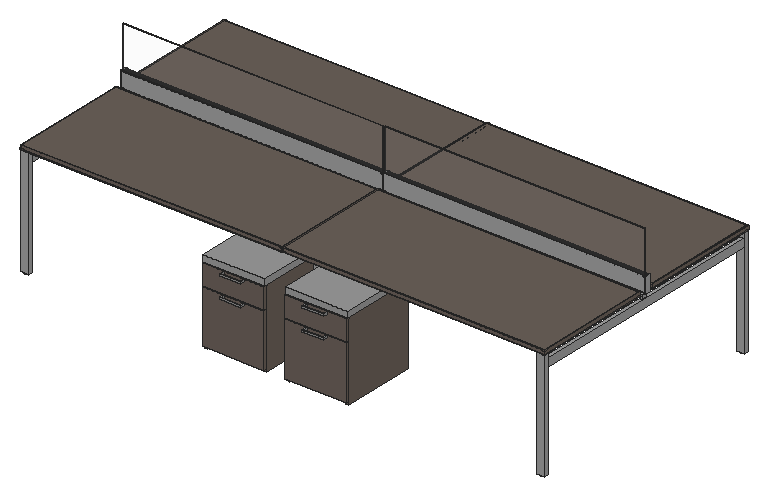
Revit family "T200188", category Furniture, Revit 2015
Parameters (values of type "T200188")
  URL = "https://ofs.com/"
  Staks Support Center H = STACKS PAINT
  Staks Seat Cushion = OFS STAKS Cushion Material
  Staks Mobile Pedestal Wheel = OFS STAKS Plastic
  Staks Mobile Pedestal Top Surface = OFS STAKS Chasis Wood Grain Laminate
  Staks Mobile Pedestal Drawer handle = OFS STAKS Handle Material
  Staks Mobile Pedestal Drawer = OFS STAKS Drawer Front Material
  Staks Mobile Pedestal Chasis = OFS STAKS Chasis Wood Grain Laminate
  Staks Frosted Acrylic Shelf = OFS STAKS Frosted Glass
  Staks Benching Toolrail = STACKS TOOLRAIL PAINT
  Model = "T200188"
  Manufacturer = "OFS"
  Description = "OFS TYPICAL T200188"
  Copyright © = "©OFS 2020"
  Catalog = "https://ofs.com/2020-experience"
  Authoring Version = "Autodesk Revit Architecture 2015"
  Assembly Code = " E2020400"
Reference planes (in)
  plane 1 "Center Front/Back": y = 0
  plane 2: z = 0
  plane 3 "Center Left/Right": x = 0
Dimensions and locks (in)
  aligned and locked: level to plane 2
Nested families (in)
  nested 1: "STAKS RECTANGULAR WORKSURFACES Worksurface Height" at (-73.55497, -0.2601, 0), type "STAKS RECTANGULAR WORKSURFACE 66 x 30"
    with Height Above Floor 29.00"
  nested 2: "STAKS MOBILE PEDESTAL" at (-31.36064, -35.2912, 0), type "STAKS MOBILE PEDESTAL Unfinished Top"
  nested 3: "STAKS SEAT CUSHION FOR MOBILE PEDESTAL" at (-31.35436, -35.01235, 0), type "STAKS SEAT CUSHION FOR MOBILE PEDESTAL"
  nested 4: "STAKS BENCHING SUPPORT CENTER H BASE" at (16.5, 2.62465, 0), type "STAKS BENCHING SUPPORT CENTER H BASE 42in Width"
  nested 5: "STAKS BENCHING SUPPORT H LEG FOR WORKSURFACE EXTENSION" at (-48.5, 2.62712, 0), type "STAKS BENCHING SUPPORT FOR WORKSURFACE EXTENSION H LEG 64"
  nested 6: "STAKS BENCHING SUPPORT H LEG FOR WORKSURFACE EXTENSION" at (48.5, 2.62712, 0) x (-1, 0, 0) z (0, 0, 1), type "STAKS BENCHING SUPPORT FOR WORKSURFACE EXTENSION H LEG 64"
  nested 7: "STAKS BENCHING TOOLRAIL KITS" at (16.658, 2.62465, 0), type "STAKS BENCHING TOOLRAIL KIT 2_PIECE_6-A132TRKA2"
  nested 8: "STAKS FROSTED ACRYLIC PRIVACY PANEL 11in" at (-16.49356, -2.7543, -13.83165), type "STAKS FROSTED ACRYLIC PRIVACY PANEL 65.625in x 12.8125"
    with Width 65.63", Height 12.81"
  nested 9: "STAKS FROSTED ACRYLIC PRIVACY PANEL 11in" at (16.49356, -2.7543, -13.83165) x (-1, 0, 0) z (0, 0, 1), type "STAKS FROSTED ACRYLIC PRIVACY PANEL 65.625in x 12.8125"
    with Width 65.63", Height 12.81"
  nested 10: "STAKS RECTANGULAR WORKSURFACES Worksurface Height" at (-73.55497, 0.2522, 0), type "STAKS RECTANGULAR WORKSURFACE 66 x 30"
    with Height Above Floor 29.00"
  nested 11: "STAKS MOBILE PEDESTAL" at (-31.36064, 35.28331, 0), type "STAKS MOBILE PEDESTAL Unfinished Top"
  nested 12: "STAKS SEAT CUSHION FOR MOBILE PEDESTAL" at (-31.35436, 35.00446, 0), type "STAKS SEAT CUSHION FOR MOBILE PEDESTAL"
  nested 13: "STAKS RECTANGULAR WORKSURFACES Worksurface Height" at (73.55836, -0.2601, 0) x (-1, 0, 0) z (0, 0, 1), type "STAKS RECTANGULAR WORKSURFACE 66 x 30"
    with Height Above Floor 29.00"
  nested 14: "STAKS MOBILE PEDESTAL" at (31.36403, -35.2912, 0) x (-1, 0, 0) z (0, 0, 1), type "STAKS MOBILE PEDESTAL Unfinished Top"
  nested 15: "STAKS SEAT CUSHION FOR MOBILE PEDESTAL" at (31.35775, -35.01235, 0) x (-1, 0, 0) z (0, 0, 1), type "STAKS SEAT CUSHION FOR MOBILE PEDESTAL"
  nested 16: "STAKS RECTANGULAR WORKSURFACES Worksurface Height" at (73.55836, 0.2522, 0) x (-1, 0, 0) z (0, 0, 1), type "STAKS RECTANGULAR WORKSURFACE 66 x 30"
    with Height Above Floor 29.00"
  nested 17: "STAKS MOBILE PEDESTAL" at (31.36403, 35.28331, 0) x (-1, 0, 0) z (0, 0, 1), type "STAKS MOBILE PEDESTAL Unfinished Top"
  nested 18: "STAKS SEAT CUSHION FOR MOBILE PEDESTAL" at (31.35775, 35.00446, 0) x (-1, 0, 0) z (0, 0, 1), type "STAKS SEAT CUSHION FOR MOBILE PEDESTAL"
Definition of nested family "STAKS RECTANGULAR WORKSURFACES Worksurface Height"
  Parameters (values of type "STAKS RECTANGULAR WORKSURFACE 54 x 30")
    URL = "http://www.ofs.com/"
    Height Above Floor [instance] = 29.00"
    Height = 1.125"
    Depth = 30.00"
    Model = "6-MCT-54/30"
    Manufacturer = "OFS"
    Description = "OFS STAKS 54\" X 30\" RECTANGULAR WORKSURFACE For Worksurface or Low Height Applications, Short Grain"
    Width = 54.00"
    Copyright © = "© 2018 OFS"
    Catalog = "https://ofs.com/products/casegoods/private-office/staks"
    Authoring Version = "Autodesk Revit Architecture 2013"
    Assembly Code = "E2020200"
  Types (12): name | Depth | Model | Description | Width
    STAKS RECTANGULAR WORKSURFACE 60 x 30 | 30.00" | "6-MCT-60/30" | "OFS STAKS 60\" X 30\" RECTANGULAR WORKSURFACE For Worksurface or Low Height Applications, Short Grain" | 60.00"
    STAKS RECTANGULAR WORKSURFACE 66 x 30 | 30.00" | "6-MCT-66/30" | "OFS STAKS 66\" X 30\" RECTANGULAR WORKSURFACE For Worksurface or Low Height Applications, Short Grain" | 66.00"
    STAKS RECTANGULAR WORKSURFACE 72 x 30 | 30.00" | "6-MCT-72/30" | "OFS STAKS 72\" X 30\" RECTANGULAR WORKSURFACE For Worksurface or Low Height Applications, Short Grain" | 72.00"
    STAKS RECTANGULAR WORKSURFACE 78 x 30 | 30.00" | "6-MCT-78/30" | "OFS STAKS 78\" X 30\" RECTANGULAR WORKSURFACE For Worksurface or Low Height Applications, Short Grain" | 78.00"
    STAKS RECTANGULAR WORKSURFACE 84 x 30 | 30.00" | "6-MCT-84/30" | "OFS STAKS 84\" X 30\" RECTANGULAR WORKSURFACE For Worksurface or Low Height Applications, Short Grain" | 84.00"
    STAKS RECTANGULAR WORKSURFACE 96 x 30 | 30.00" | "6-MCT-96/30" | "OFS STAKS 96\" X 30\" RECTANGULAR WORKSURFACE For Worksurface or Low Height Applications, Short Grain" | 96.00"
    STAKS RECTANGULAR WORKSURFACE 54 x 30 | 30.00" | "6-MCT-54/30" | "OFS STAKS 54\" X 30\" RECTANGULAR WORKSURFACE For Worksurface or Low Height Applications, Short Grain" | 54.00"
    STAKS RECTANGULAR WORKSURFACE 60 x 36 | 36.00" | "6-MCT-60/36" | "OFS STAKS 60\" X 36\" RECTANGULAR WORKSURFACE For Worksurface or Low Height Applications, Short Grain" | 60.00"
    STAKS RECTANGULAR WORKSURFACE 66 x 36 | 36.00" | "6-MCT-66/36" | "OFS STAKS 66\" X 36\" RECTANGULAR WORKSURFACE For Worksurface or Low Height Applications, Short Grain" | 66.00"
    STAKS RECTANGULAR WORKSURFACE 72 x 36 | 36.00" | "6-MCT-72/36" | "OFS STAKS 72\" X 36\" RECTANGULAR WORKSURFACE For Worksurface or Low Height Applications, Short Grain" | 72.00"
    STAKS RECTANGULAR WORKSURFACE 78 x 36 | 36.00" | "6-MCT-78/36" | "OFS STAKS 78\" X 36\" RECTANGULAR WORKSURFACE For Worksurface or Low Height Applications, Short Grain" | 78.00"
    STAKS RECTANGULAR WORKSURFACE 84 x 36 | 36.00" | "6-MCT-84/36" | "OFS STAKS 84\" X 36\" RECTANGULAR WORKSURFACE For Worksurface or Low Height Applications, Short Grain" | 84.00"
  Reference planes (in)
    plane 1: z = -0.125
    plane 2 "LEFT": x = 7.55498
    plane 3 "RIGHT": x = 61.55498
    plane 4 "BACK": y = -1.83365
    plane 5 "FRONT": y = -31.83365
    plane 6: x = 7.67998
    plane 7: x = 61.42998
    plane 8: y = -1.95865
    plane 9: y = -31.70865
    plane 10: z = 27.75
    plane 11 "SURFACE TOP": z = 28.875
  Forms (in)
    Extrusion 1, solid
      sketch origin (0, 0, 17.125) x (-1, 0, 0) y (0, -1, 0)
        loop
          line (-7.67998, 1.95865) -> (-7.67998, 31.70865) -> (-61.42998, 31.70865) -> (-61.42998, 1.95865) -> (-7.67998, 1.95865)
      from 11.75 to 10.625
    Sweep 2, solid
      path origin (0, 0, 28.875) x (0, 1, 0) y (-1, 0, 0)
        loop
          line (-31.83365, -7.55498) -> (-31.83365, -61.55498) -> (-1.83365, -61.55498) -> (-1.83365, -7.55498) -> (-31.83365, -7.55498)
      profile origin (34.55498, -31.83365, 28.875) x (0, 1, 0) y (0, 0, 1)
        loop
          arc (0.125, 0) -> (0.03661, -0.03661) -> (0, -0.125) r 0.125
          line (0, -0.125) -> (0, -1)
          arc (0, -1) -> (0.03661, -1.08839) -> (0.125, -1.125) r 0.125
          line (0.125, -1.125) -> (0.125, 0)
  Lines and regions (in)
    Masking region 1
      outline origin (0, 0, 16.625) x (-1, 0, 0) y (0, -1, 0)
        loop
          line (-7.67998, 1.95865) -> (-7.55498, 1.83365) -> (-7.55498, 31.83365) -> (-7.67998, 31.70865) -> (-7.67998, 1.95865)
    Masking region 2
      outline origin (0, 0, 16.625) x (-1, 0, 0) y (0, -1, 0)
        loop
          line (-7.55498, 1.83365) -> (-7.67998, 1.95865) -> (-61.42998, 1.95865) -> (-61.55498, 1.83365) -> (-7.55498, 1.83365)
    Masking region 3
      outline origin (0, 0, 16.625) x (-1, 0, 0) y (0, -1, 0)
        loop
          line (-61.55498, 1.83365) -> (-61.42998, 1.95865) -> (-61.42998, 31.70865) -> (-61.55498, 31.83365) -> (-61.55498, 1.83365)
    Masking region 4
      outline origin (0, 0, 16.625) x (-1, 0, 0) y (0, -1, 0)
        loop
          line (-61.55498, 31.83365) -> (-61.42998, 31.70865) -> (-7.67998, 31.70865) -> (-7.55498, 31.83365) -> (-61.55498, 31.83365)
    Masking region 5
      outline origin (0, 0, 16.625) x (-1, 0, 0) y (0, -1, 0)
        loop
          line (-61.42998, 31.70865) -> (-61.42998, 1.95865) -> (-7.67998, 1.95865) -> (-7.67998, 31.70865) -> (-61.42998, 31.70865)
  Dimensions and locks (in)
    "Depth": plane 4 "BACK" to plane 5 "FRONT"
    "Width": plane 2 "LEFT" to plane 3 "RIGHT"
    "Height": plane 11 "SURFACE TOP" to plane 10
    locked: plane 4 "BACK" to plane 8 at 0.125
    locked: plane 2 "LEFT" to plane 6 at 0.125
    locked: plane 7 to plane 3 "RIGHT" at 0.125
    locked: plane 9 to plane 5 "FRONT" at 0.125
    "Height Above Floor": plane 11 "SURFACE TOP" to level
    aligned: level to plane 1
    aligned and locked: plane 8 to Extrusion 1 sketch curve
    aligned and locked: Extrusion 1 sketch curve to plane 6
    aligned and locked: Extrusion 1 sketch curve to plane 9
    aligned and locked: plane 7 to Extrusion 1 sketch curve
    aligned and locked: plane 11 "SURFACE TOP" to Extrusion 1
    aligned and locked: Extrusion 1 to plane 10
    aligned and locked: Sweep 2 sketch curve to plane 5 "FRONT"
    aligned and locked: Sweep 2 sketch curve to plane 2 "LEFT"
    aligned and locked: plane 4 "BACK" to Sweep 2 sketch curve
    aligned and locked: plane 3 "RIGHT" to Sweep 2 sketch curve
  Automatic sketch dimensions
    Masking region 1 sketch curve to plane 6 = 0.00"
    Masking region 1 sketch curve to plane 2 "LEFT" = 0.00"
    Masking region 1 sketch curve to plane 4 "BACK" = 0.00"
    Masking region 1 sketch curve to plane 8 = 0.00"
    Masking region 1 sketch curve to plane 9 = 0.00"
    Masking region 1 sketch curve to plane 5 "FRONT" = 0.00"
    Masking region 2 sketch curve to plane 3 "RIGHT" = 0.00"
    Masking region 2 sketch curve to plane 7 = 0.00"
    Masking region 2 sketch curve to plane 6 = 0.00"
    Masking region 2 sketch curve to plane 2 "LEFT" = 0.00"
    Masking region 2 sketch curve to plane 4 "BACK" = 0.00"
    Masking region 2 sketch curve to plane 8 = 0.00"
    Masking region 3 sketch curve to plane 3 "RIGHT" = 0.00"
    Masking region 3 sketch curve to plane 7 = 0.00"
    Masking region 3 sketch curve to plane 4 "BACK" = 0.00"
    Masking region 3 sketch curve to plane 8 = 0.00"
    Masking region 3 sketch curve to plane 9 = 0.00"
    Masking region 3 sketch curve to plane 5 "FRONT" = 0.00"
    Masking region 4 sketch curve to plane 3 "RIGHT" = 0.00"
    Masking region 4 sketch curve to plane 7 = 0.00"
    Masking region 4 sketch curve to plane 6 = 0.00"
    Masking region 4 sketch curve to plane 2 "LEFT" = 0.00"
    Masking region 4 sketch curve to plane 9 = 0.00"
    Masking region 4 sketch curve to plane 5 "FRONT" = 0.00"
    Masking region 5 sketch curve to plane 7 = 0.00"
    Masking region 5 sketch curve to plane 6 = 0.00"
    Masking region 5 sketch curve to plane 8 = 0.00"
    Masking region 5 sketch curve to plane 9 = 0.00"
    Sweep 2 sketch curve to profile plane = 0.00"
    Sweep 2 sketch curve to plane 11 "SURFACE TOP" = 0.00"
    Sweep 2 sketch curve to profile plane = 0.125"
    Sweep 2 sketch curve to Sweep 2 sketch curve = 0.875"
Definition of nested family "STAKS MOBILE PEDESTAL"
  Parameters (values of type "STAKS MOBILE PEDESTAL Unfinished Top")
    Wheel Caster Material = none
    URL = "http://www.ofs.com/"
    Top Thickness = 1.125"
    Top Surface Material = none
    Surface = no
    Riser Support = 0.50"
    Model = "6-1619MP8"
    Manufacturer = "OFS"
    Height = 20.25"
    Drawer Material = none
    Drawer Handle Width = 5.4375"
    Drawer Handle Material = none
    Description = "OFS STAKS MOBILE PEDESTAL Unfinished Top, Must use with Cushion"
    Width = 15.625"
    Depth = 19.25"
    DH2 = 6.50"
    DH1 = 14.375"
    Copyright © = "© 2018 OFS"
    Chasis Material = none
    Catalog = "https://ofs.com/products/casegoods/private-office/staks"
    Board Thickness = 0.75"
    Authoring Version = "Autodesk Revit Architecture 2013"
    Assembly Code = "E2020200"
  Types (2): name | Surface | Model | Description
    STAKS MOBILE PEDESTAL Finished Top | yes | "6-1619MP7" | "OFS STAKS MOBILE PEDESTAL Finished Top, No Cushion"
    STAKS MOBILE PEDESTAL Unfinished Top | no | "6-1619MP8" | "OFS STAKS MOBILE PEDESTAL Unfinished Top, Must use with Cushion"
  Reference planes (in)
    plane 1: z = 0
    plane 2 "Right": x = 20.97711
    plane 3: z = 20.125
    plane 4: z = 14.875
    plane 5: z = 14.75
    plane 6: z = 0.5
    plane 7: z = 14.5
    plane 8: z = 19.875
    plane 9: z = 14.031
    plane 10: z = 19.40625
    plane 11: x = 13.16461
    plane 12: y = 1.50035
    plane 13: y = 0.75035
    plane 14: x = 13.22711
    plane 15: x = 28.72661
    plane 16: x = 13.91461
    plane 17: y = 20.00035
    plane 18: x = 28.78961
    plane 19: x = 28.03961
    plane 20: x = 18.25836
    plane 21: x = 18.63336
    plane 22: x = 23.69586
    plane 23: x = 23.32086
    plane 24: y = -0.06215
    plane 25: y = -0.24965
    plane 26: z = 0.75
    plane 27: y = 19.25035
    plane 28: z = 1.25
    plane 29: z = 20.25
    plane 30: z = 21.375
    plane 31: z = 2.25
    plane 32: z = 3
  Forms (in)
    Extrusion 1, solid, material <- "Drawer Material"
      sketch origin (20.35211, 2.25, -7.68015) x (0, 1, 0) y (0, 0, 1)
        loop
          line (-1.49965, 27.80515) -> (-1.49965, 22.55515) -> (-0.74965, 22.55515) -> (-0.74965, 27.80515) -> (-1.49965, 27.80515)
      from -7.125 to 8.3745
    Extrusion 2, solid, material <- "Chasis Material"
      sketch origin (-3, -1.24965, 0) x (1, 0, 0) y (0, 0, 1)
        loop
          line (16.16461, 0.5) -> (16.91461, 0.5) -> (16.91461, 20.125) -> (16.16461, 20.125) -> (16.16461, 0.5)
      from -21.25 to -2.75
    Extrusion 3, solid, material <- "Chasis Material"
      sketch origin (19.35211, 31.02324, 0) x (0, 1, 0) y (0, 0, 1)
        loop
          line (-11.77289, 0.5) -> (-11.02289, 0.5) -> (-11.02289, 20.125) -> (-11.77289, 20.125) -> (-11.77289, 0.5)
      from -5.4375 to 8.6875
    Extrusion 4, solid, material <- "Drawer Handle Material"
      sketch origin (9, 0, 20.67137) x (1, 0, 0) y (0, 1, 0)
        loop
          line (9.25836, 0.75035) -> (9.25836, -0.24965) -> (14.69586, -0.24965) -> (14.69586, 0.75035) -> (14.32086, 0.75035) -> (14.32086, -0.06215) -> (9.63336, -0.06215) -> (9.63336, 0.75035) -> (9.25836, 0.75035)
      from -1.26512 to -0.79637
    Extrusion 5, solid, material <- "Chasis Material"
      sketch origin (0, 0, 0) x (1, 0, 0) y (0, 1, 0)
        loop
          line (28.78961, 20.00035) -> (28.03961, 20.00035) -> (28.03961, 1.50035) -> (28.78961, 1.50035) -> (28.78961, 20.00035)
      from 0.5 to 20.125
    Extrusion 6, solid, material <- "Chasis Material"
      sketch origin (-29.79592, -7.12465, 7.24693) x (1, 0, 0) y (0, 0, 1)
        loop
          line (43.71054, 12.15932) -> (57.83554, 12.15932) -> (57.83554, 12.87807) -> (43.71054, 12.87807) -> (43.71054, 12.15932)
      from -26.375 to -8.625
    Extrusion 7, solid, material <- "Chasis Material"
      sketch origin (-31.5409, -1.62465, -42.72261) x (1, 0, 0) y (0, 0, 1)
        loop
          line (45.45551, 44.97261) -> (59.58051, 44.97261) -> (59.58051, 45.72261) -> (45.45551, 45.72261) -> (45.45551, 44.97261)
      from -20.875 to -3.125
    Extrusion 8, solid
      sketch origin (0, 0, 0) x (1, 0, 0) y (0, 1, 0)
        loop
          line (28.72661, 20.00035) -> (28.03961, 20.00035) -> (28.03961, 1.50035) -> (28.72661, 1.50035) -> (28.72661, 20.00035)
        loop
          line (13.22711, 20.00035) -> (13.22711, 1.50035) -> (13.91461, 1.50035) -> (13.91461, 20.00035) -> (13.22711, 20.00035)
      from 20.125 to 20.25
    Extrusion 9, solid, material <- "Wheel Caster Material"
      sketch origin (-12.02289, 0, 0) x (0, 1, 0) y (0, 0, 1)
        loop
          circle (17.50791, 0.94006) r 0.94006
        loop
          arc (16.53801, 0.5) -> (17.50791, 2.00512) -> (18.47781, 0.5) r 1.06506
          line (18.47781, 0.5) -> (18.61362, 0.5)
          arc (18.61362, 0.5) -> (17.50791, 2.13012) -> (16.4022, 0.5) r 1.19006
          line (16.4022, 0.5) -> (16.53801, 0.5)
        loop
          circle (3.25244, 0.94006) r 0.94006
        loop
          arc (2.28254, 0.5) -> (3.25244, 2.00512) -> (4.22233, 0.5) r 1.06506
          line (4.22233, 0.5) -> (4.35815, 0.5)
          arc (4.35815, 0.5) -> (3.25244, 2.13012) -> (2.14673, 0.5) r 1.19006
          line (2.14673, 0.5) -> (2.28254, 0.5)
      from 26.37597 to 26.87077
    Extrusion 10, solid, material <- "Wheel Caster Material"
      sketch origin (-10.98383, 0, 0) x (0, 1, 0) y (0, 0, 1)
        loop
          circle (17.50791, 0.94006) r 0.94006
        loop
          arc (16.53801, 0.5) -> (17.50791, 2.00512) -> (18.47781, 0.5) r 1.06506
          line (18.47781, 0.5) -> (18.61362, 0.5)
          arc (18.61362, 0.5) -> (17.50791, 2.13012) -> (16.4022, 0.5) r 1.19006
          line (16.4022, 0.5) -> (16.53801, 0.5)
        loop
          circle (3.25244, 0.94006) r 0.94006
        loop
          arc (2.28254, 0.5) -> (3.25244, 2.00512) -> (4.22233, 0.5) r 1.06506
          line (4.22233, 0.5) -> (4.35815, 0.5)
          arc (4.35815, 0.5) -> (3.25244, 2.13012) -> (2.14673, 0.5) r 1.19006
          line (2.14673, 0.5) -> (2.28254, 0.5)
      from 26.37597 to 26.87077
    Extrusion 11, solid, material <- "Wheel Caster Material"
      sketch origin (53.97711, 0, 0) x (0, 1, 0) y (0, 0, -1)
        loop
          circle (17.50791, -0.94006) r 0.94006
        loop
          line (16.53801, -0.5) -> (16.4022, -0.5)
          arc (16.4022, -0.5) -> (17.50791, -2.13012) -> (18.61362, -0.5) r 1.19006
          line (18.61362, -0.5) -> (18.47781, -0.5)
          arc (18.47781, -0.5) -> (17.50791, -2.00512) -> (16.53801, -0.5) r 1.06506
        loop
          circle (3.25244, -0.94006) r 0.94006
        loop
          line (2.28254, -0.5) -> (2.14673, -0.5)
          arc (2.14673, -0.5) -> (3.25244, -2.13012) -> (4.35815, -0.5) r 1.19006
          line (4.35815, -0.5) -> (4.22233, -0.5)
          arc (4.22233, -0.5) -> (3.25244, -2.00512) -> (2.28254, -0.5) r 1.06506
      from 26.37597 to 26.87077
    Extrusion 12, solid, material <- "Wheel Caster Material"
      sketch origin (52.93805, 0, 0) x (0, 1, 0) y (0, 0, -1)
        loop
          circle (17.50791, -0.94006) r 0.94006
        loop
          line (16.53801, -0.5) -> (16.4022, -0.5)
          arc (16.4022, -0.5) -> (17.50791, -2.13012) -> (18.61362, -0.5) r 1.19006
          line (18.61362, -0.5) -> (18.47781, -0.5)
          arc (18.47781, -0.5) -> (17.50791, -2.00512) -> (16.53801, -0.5) r 1.06506
        loop
          circle (3.25244, -0.94006) r 0.94006
        loop
          line (2.28254, -0.5) -> (2.14673, -0.5)
          arc (2.14673, -0.5) -> (3.25244, -2.13012) -> (4.35815, -0.5) r 1.19006
          line (4.35815, -0.5) -> (4.22233, -0.5)
          arc (4.22233, -0.5) -> (3.25244, -2.00512) -> (2.28254, -0.5) r 1.06506
      from 26.37597 to 26.87077
    Extrusion 13, solid, material <- "Top Surface Material", visible <- "Surface"
      sketch origin (-25.91712, 0.87535, -18.36336) x (1, 0, 0) y (0, 0, 1)
        loop
          line (39.08173, 38.61336) -> (54.70673, 38.61336) -> (54.70673, 39.73836) -> (39.08173, 39.73836) -> (39.08173, 38.61336)
      from -19.125 to 0.125
    Extrusion 14, solid, material <- "Top Surface Material", visible <- "Surface"
      sketch origin (-25.91712, 0.87535, -24.36336) x (1, 0, 0) y (0, 0, 1)
        loop
          line (39.83173, 38.39436) -> (53.95673, 38.39436) -> (53.95673, 39.23836) -> (39.83173, 39.23836) -> (39.83173, 38.39436)
      from -18.375 to -0.625
    Extrusion 15, solid, material <- "Drawer Material"
      sketch origin (16.97736, 2.25, -16.30921) x (0, 1, 0) y (0, 0, 1)
        loop
          line (-1.49965, 31.05921) -> (-1.49965, 17.55921) -> (-0.74965, 17.55921) -> (-0.74965, 31.05921) -> (-1.49965, 31.05921)
      from -3.75025 to 11.74925
    Extrusion 16, solid, material <- "Drawer Handle Material"
      sketch origin (8.56588, 0, 18.20936) x (1, 0, 0) y (0, 1, 0)
        loop
          line (9.69248, 0.75035) -> (9.69248, -0.24965) -> (15.12998, -0.24965) -> (15.12998, 0.75035) -> (14.75498, 0.75035) -> (14.75498, -0.06215) -> (10.06748, -0.06215) -> (10.06748, 0.75035) -> (9.69248, 0.75035)
      from -4.17836 to -3.70936
  Dimensions and locks (in)
    "Board Thickness": plane 13 to plane 12
    locked: plane 11 to plane 14 at 0.0625
    "Board Thickness": plane 11 to plane 16
    locked: plane 15 to plane 18 at 0.063
    "Width": plane 11 to plane 18
    Extrusion 5 sketch curve to plane 18 = 0.75"
    "Board Thickness": plane 19 to plane 18
    equal spacing: plane 11, plane 2 "Right", plane 18
    locked: plane 20 to plane 21 at 0.375
    locked: plane 23 to plane 22 at 0.375
    equal spacing: plane 20, plane 2 "Right", plane 22
    "Drawer Handle Width": plane 20 to plane 22
    plane 25 to plane 24 to plane 13 = 0.1875" locked, 0.8125" locked
    "Riser Support": plane 6 to level
    "DH1": plane 4 to plane 6
    locked: plane 26 to plane 6 at 0.25
    "Board Thickness": plane 27 to plane 17
    "Depth": plane 13 to plane 17
    plane 4 to plane 5 to plane 7 to plane 9 = 0.125" locked, 0.25" locked, 0.469" locked
    plane 3 to plane 8 to plane 10 = 0.25" locked, 0.46875" locked
    "Board Thickness": plane 28 to plane 6
    locked: plane 29 to plane 3 at 0.125
    "Top Thickness": plane 30 to plane 29
    "Height": plane 29 to level
    locked: plane 31 to plane 28 at 1
    locked: plane 32 to plane 31 at 0.75
    aligned and locked: level to plane 1
    aligned and locked: Extrusion 1 to plane 12
    aligned and locked: plane 13 to Extrusion 1
    aligned and locked: plane 15 to Extrusion 1
    aligned and locked: Extrusion 1 to plane 14
    aligned and locked: plane 12 to Extrusion 2
    aligned and locked: Extrusion 2 to plane 17
    aligned and locked: Extrusion 3 to plane 16
    aligned and locked: plane 16 to Extrusion 2
    aligned and locked: Extrusion 2 to plane 11
    aligned and locked: Extrusion 3 to plane 17
    aligned and locked: plane 19 to Extrusion 3
    aligned and locked: plane 3 to Extrusion 2
    aligned and locked: Extrusion 4 to plane 22
    aligned and locked: plane 23 to Extrusion 4
    aligned and locked: plane 21 to Extrusion 4
    aligned and locked: Extrusion 4 to plane 20
    aligned and locked: plane 24 to Extrusion 4
    aligned and locked: plane 3 to Extrusion 3
    aligned and locked: Extrusion 5 to plane 19
    aligned and locked: plane 3 to Extrusion 5
    aligned and locked: Extrusion 5 to plane 6
    aligned and locked: plane 3 to Extrusion 6
    aligned and locked: Extrusion 6 to plane 10
    aligned and locked: Extrusion 7 to plane 27
    aligned and locked: plane 12 to Extrusion 7
    aligned and locked: plane 19 to Extrusion 7
    aligned and locked: Extrusion 7 to plane 16
    aligned and locked: Extrusion 8 to plane 3
    aligned and locked: plane 29 to Extrusion 8
    aligned and locked: plane 3 to Extrusion 1
    aligned and locked: plane 8 to Extrusion 4
    aligned and locked: Extrusion 4 to plane 10
    aligned and locked: Extrusion 6 to plane 27
    aligned and locked: plane 12 to Extrusion 6
    aligned and locked: Extrusion 7 to plane 31
    aligned and locked: plane 32 to Extrusion 7
    aligned and locked: Extrusion 13 to plane 29
    aligned and locked: plane 30 to Extrusion 13
    aligned and locked: Extrusion 13 to plane 17
    aligned and locked: Extrusion 13 to plane 11
    aligned and locked: plane 18 to Extrusion 13
    aligned and locked: plane 13 to Extrusion 13
    aligned and locked: Extrusion 14 to plane 9
    aligned and locked: plane 4 to Extrusion 14
    aligned and locked: Extrusion 14 to plane 16
    aligned and locked: plane 19 to Extrusion 14
    aligned and locked: Extrusion 14 to plane 27
    aligned and locked: plane 12 to Extrusion 14
    aligned and locked: Extrusion 1 to plane 4
    aligned and locked: plane 5 to Extrusion 15
    aligned and locked: Extrusion 15 to plane 14
    aligned and locked: plane 15 to Extrusion 15
    aligned and locked: Extrusion 15 to plane 28
    aligned and locked: plane 21 to Extrusion 16
    aligned and locked: Extrusion 16 to plane 20
    aligned and locked: Extrusion 16 to plane 22
    aligned and locked: plane 23 to Extrusion 16
    aligned and locked: Extrusion 16 to plane 9
    aligned and locked: plane 7 to Extrusion 16
  Automatic sketch dimensions
    Extrusion 1 sketch curve to plane 3 = 0.00"
    Extrusion 1 sketch curve to plane 13 = 0.00"
    Extrusion 1 sketch curve to plane 4 = 0.00"
    Extrusion 1 sketch curve to plane 12 = 0.00"
    Extrusion 2 sketch curve to plane 6 = 0.00"
    Extrusion 2 sketch curve to plane 11 = 0.00"
    Extrusion 2 sketch curve to plane 3 = 0.00"
    Extrusion 2 sketch curve to plane 16 = 0.00"
    Extrusion 3 sketch curve to plane 6 = 0.00"
    Extrusion 3 sketch curve to plane 3 = 0.00"
    Extrusion 3 sketch curve to plane 17 = 0.00"
    plane 27 to Extrusion 3 sketch curve = 0.00"
    plane 13 to Extrusion 4 sketch curve = 0.00"  (x2)
    Extrusion 4 sketch curve to plane 20 = 0.00"
    Extrusion 4 sketch curve to plane 21 = 0.00"
    Extrusion 4 sketch curve to plane 23 = 0.00"
    Extrusion 4 sketch curve to plane 22 = 0.00"
    plane 25 to Extrusion 4 sketch curve = 0.00"
    plane 24 to Extrusion 4 sketch curve = 0.00"
    plane 12 to Extrusion 5 sketch curve = 0.00"
    Extrusion 5 sketch curve to plane 18 = 0.00"
    plane 17 to Extrusion 5 sketch curve = 0.00"
    Extrusion 6 sketch curve to plane 10 = 0.00"
    Extrusion 6 sketch curve to plane 16 = 0.00"
    Extrusion 6 sketch curve to plane 3 = 0.00"
    Extrusion 6 sketch curve to plane 19 = 0.00"
    Extrusion 7 sketch curve to plane 16 = 0.00"
    Extrusion 7 sketch curve to plane 19 = 0.00"
    Extrusion 7 sketch curve to plane 31 = 0.00"
    Extrusion 7 sketch curve to plane 32 = 0.00"
    plane 12 to Extrusion 8 sketch curve = 0.00"  (x2)
    Extrusion 8 sketch curve to plane 14 = 0.00"
    Extrusion 8 sketch curve to plane 16 = 0.00"
    plane 17 to Extrusion 8 sketch curve = 0.00"  (x2)
    Extrusion 8 sketch curve to plane 19 = 0.00"
    Extrusion 8 sketch curve to plane 15 = 0.00"
    Extrusion 9 sketch curve to Extrusion 9 sketch curve = 0.00"  (x12)
    Extrusion 9 sketch curve to plane 6 = 0.00"  (x6)
    Extrusion 9 sketch curve to plane 12 = 0.64638"
    Extrusion 9 sketch curve to Extrusion 9 sketch curve = 0.13581"  (x2)
    Extrusion 9 sketch curve to Extrusion 9 sketch curve = 1.93979"
    plane 27 to Extrusion 9 sketch curve = 2.84815"
    plane 26 to Extrusion 9 sketch curve = 0.19006"  (x2)
    Extrusion 9 sketch curve to Extrusion 9 sketch curve = 0.9699"
    Extrusion 10 sketch curve to Extrusion 10 sketch curve = 0.00"  (x12)
    Extrusion 10 sketch curve to plane 6 = 0.00"  (x6)
    Extrusion 10 sketch curve to plane 12 = 0.64638"
    Extrusion 10 sketch curve to Extrusion 10 sketch curve = 0.13581"  (x2)
    Extrusion 10 sketch curve to Extrusion 10 sketch curve = 1.93979"
    plane 27 to Extrusion 10 sketch curve = 2.84815"
    plane 26 to Extrusion 10 sketch curve = 0.19006"  (x2)
    Extrusion 10 sketch curve to Extrusion 10 sketch curve = 0.9699"
    Extrusion 11 sketch curve to Extrusion 11 sketch curve = 0.00"  (x12)
    Extrusion 11 sketch curve to plane 6 = 0.00"  (x6)
    Extrusion 11 sketch curve to plane 12 = 0.64638"
    Extrusion 11 sketch curve to Extrusion 11 sketch curve = 0.13581"  (x2)
    Extrusion 11 sketch curve to Extrusion 11 sketch curve = 1.93979"
    plane 27 to Extrusion 11 sketch curve = 2.84815"
    plane 26 to Extrusion 11 sketch curve = 0.19006"  (x2)
    Extrusion 11 sketch curve to Extrusion 11 sketch curve = 0.9699"
    Extrusion 12 sketch curve to Extrusion 12 sketch curve = 0.00"  (x12)
    Extrusion 12 sketch curve to plane 6 = 0.00"  (x6)
    Extrusion 12 sketch curve to plane 12 = 0.64638"
    Extrusion 12 sketch curve to Extrusion 12 sketch curve = 0.13581"  (x2)
    Extrusion 12 sketch curve to Extrusion 12 sketch curve = 1.93979"
    plane 27 to Extrusion 12 sketch curve = 2.84815"
    plane 26 to Extrusion 12 sketch curve = 0.19006"  (x2)
    Extrusion 12 sketch curve to Extrusion 12 sketch curve = 0.9699"
    Extrusion 13 sketch curve to plane 11 = 0.00"
    Extrusion 13 sketch curve to plane 18 = 0.00"
    Extrusion 13 sketch curve to plane 29 = 0.00"
    Extrusion 13 sketch curve to plane 30 = 0.00"
    Extrusion 14 sketch curve to plane 9 = 0.00"
    Extrusion 14 sketch curve to plane 16 = 0.00"
    Extrusion 14 sketch curve to plane 4 = 0.00"
    Extrusion 14 sketch curve to plane 19 = 0.00"
    Extrusion 15 sketch curve to plane 5 = 0.00"
    Extrusion 15 sketch curve to plane 13 = 0.00"
    Extrusion 15 sketch curve to plane 12 = 0.00"
    Extrusion 15 sketch curve to plane 28 = 0.00"
    plane 13 to Extrusion 16 sketch curve = 0.00"  (x2)
    plane 25 to Extrusion 16 sketch curve = 0.00"
    plane 24 to Extrusion 16 sketch curve = 0.00"
    Extrusion 16 sketch curve to plane 20 = 0.00"
    plane 20 to Extrusion 16 sketch curve = 0.375"
    plane 23 to Extrusion 16 sketch curve = 0.00"
    Extrusion 16 sketch curve to plane 23 = 0.375"
    radius of Extrusion 9 sketch curve = 0.94006"  (x2)
    radius of Extrusion 10 sketch curve = 0.94006"  (x2)
    radius of Extrusion 11 sketch curve = 0.94006"  (x2)
    radius of Extrusion 12 sketch curve = 0.94006"  (x2)
Definition of nested family "STAKS SEAT CUSHION FOR MOBILE PEDESTAL"
  Parameters (values of type "STAKS SEAT CUSHION FOR MOBILE PEDESTAL")
    URL = "http://www.ofs.com/"
    Cushion Thickness = 1.50"
    Cushion Material = none
    Model = "6-1619SC2"
    Manufacturer = "OFS"
    Height = 20.25"
    Description = "OFS STAKS SEAT CUSHION FOR MOBILE PEDESTAL,"
    Width = 15.625"
    Depth = 19.25"
    Copyright © = "© 2018 OFS"
    Catalog = "https://ofs.com/products/casegoods/private-office/staks"
    Authoring Version = "Autodesk Revit Architecture 2013"
    Assembly Code = "E2020200"
  Reference planes (in)
    plane 1: z = 0
    plane 2 "Right": x = 20.97711
    plane 3: x = 13.16461
    plane 4: y = 1.50035
    plane 5: y = 0.75035
    plane 6: y = 20.00035
    plane 7: x = 28.78961
    plane 8: y = -0.06215
    plane 9: y = -0.24965
    plane 10: y = 19.25035
    plane 11: z = 20.25
    plane 12: z = 21.75
  Forms (in)
    Extrusion 1, solid, material <- "Cushion Material"
      sketch origin (-25.91712, 0.87535, -18.36336) x (1, 0, 0) y (0, 0, 1)
        loop
          line (39.08173, 38.61336) -> (54.70673, 38.61336) -> (54.70673, 40.11336) -> (39.08173, 40.11336) -> (39.08173, 38.61336)
      from -19.125 to 0.125
  Dimensions and locks (in)
    locked: plane 5 to plane 4 at 0.75
    "Width": plane 3 to plane 7
    equal spacing: plane 3, plane 2 "Right", plane 7
    plane 9 to plane 8 to plane 5 = 0.1875" locked, 0.8125" locked
    locked: plane 10 to plane 6 at 0.75
    "Depth": plane 5 to plane 6
    "Cushion Thickness": plane 12 to plane 11
    "Height": plane 11 to level
    aligned and locked: level to plane 1
    aligned and locked: Extrusion 1 to plane 11
    aligned and locked: plane 12 to Extrusion 1
    aligned and locked: Extrusion 1 to plane 6
    aligned and locked: Extrusion 1 to plane 3
    aligned and locked: plane 7 to Extrusion 1
    aligned and locked: plane 5 to Extrusion 1
  Automatic sketch dimensions
    Extrusion 1 sketch curve to plane 3 = 0.00"
    Extrusion 1 sketch curve to plane 7 = 0.00"
    Extrusion 1 sketch curve to plane 11 = 0.00"
    Extrusion 1 sketch curve to plane 12 = 0.00"
Definition of nested family "STAKS BENCHING SUPPORT CENTER H BASE"
  Parameters (values of type "STAKS BENCHING SUPPORT CENTER H BASE 30in Width")
    URL = "http://www.ofs.com/"
    Staks Support Center H = none
    H BASE WIDTH = 30.00"
    Model = "6-30CHBA1"
    Manufacturer = "OFS"
    Description = "OFS STAKS BENCHING SUPPORT CENTER H BASE 30\" Width, Use with 22\"D Worksurface"
    Copyright © = "© 2018 OFS"
    Catalog = "https://ofs.com/products/open-plan/benching/staks"
    Authoring Version = "Autodesk Revit Architecture 2013"
    Assembly Code = "E2020200"
  Types (2): name | H BASE WIDTH | Model | Description
    STAKS BENCHING SUPPORT CENTER H BASE 30in Width | 30.00" | "6-30CHBA1" | "OFS STAKS BENCHING SUPPORT CENTER H BASE 30\" Width, Use with 22\"D Worksurface"
    STAKS BENCHING SUPPORT CENTER H BASE 42in Width | 42.00" | "6-42CHBA1" | "OFS STAKS BENCHING SUPPORT CENTER H BASE 30\" Width, Use with 30\" or 36\"D Worksurface"
  Reference planes (in)
    plane 1: z = 0
    plane 2 "Center (Front/Back)": y = -2.62465
    plane 3 "LEFT": x = -17.5
    plane 4 "H LEG TOP": z = 27.875
    plane 5 "RIGHT": x = -15.5
    plane 6: x = -12.5
    plane 7: y = -22.62465
    plane 8: y = 17.37535
    plane 9: z = 27.625
    plane 10: y = 11.37535
    plane 11: y = -16.62465
    plane 12: z = 8
    plane 13: z = 6
    plane 14 "CENTER": x = -16.5
    plane 15: z = 0.25
    plane 16: x = -20.5
    plane 17: y = -17.62465
    plane 18: y = 12.37535
    plane 19: y = -16.99965
    plane 20: y = -17.24965
    plane 21: y = 12.00035
    plane 22: y = 11.75035
  Forms (in)
    Extrusion 1, solid, material <- "Staks Support Center H"
      sketch origin (0, -5, 27.875) x (0, -1, 0) y (1, 0, 0)
        loop
          line (-16.37535, -15.5) -> (-17.37535, -15.5) -> (-17.37535, -17.5) -> (-16.37535, -17.5) -> (-16.37535, -15.5)
      from -27.625 to -0.25
    Extrusion 2, solid, material <- "Staks Support Center H"
      sketch origin (0, 5, 27.875) x (0, -1, 0) y (1, 0, 0)
        loop
          line (21.62465, -17.5) -> (22.62465, -17.5) -> (22.62465, -15.5) -> (21.62465, -15.5) -> (21.62465, -17.5)
      from -27.625 to -0.25
    Extrusion 3, solid, material <- "Staks Support Center H"
      sketch origin (0.5, -1.24965, -17.806) x (1, 0, 0) y (0, 0, 1)
        loop
          line (-16.5, 25.806) -> (-17.5, 25.806) -> (-17.5, 23.806) -> (-16.5, 23.806) -> (-16.5, 25.806)
      from -12.625 to 15.375
    Revolve 4, solid
      sketch origin (-16.5, 5, 0) x (0, 1, 0) y (0, 0, 1)
        loop
          line (-22.12465, 0.25) -> (-22.37465, 0.25)
          arc (-22.37465, 0.25) -> (-22.49965, 0.125) -> (-22.37465, 0) r 0.125
          line (-22.37465, 0) -> (-22.12465, 0) -> (-22.12465, 0.25)
        axis (-22.12465, 0.25) -> (-22.12465, 0)
      angle from 0 to 360
    Revolve 5, solid, material <- "Staks Support Center H"
      sketch origin (-16.5, -10.2493, 0) x (0, -1, 0) y (0, 0, 1)
        loop
          line (-22.12465, 0.25) -> (-22.37465, 0.25)
          arc (-22.37465, 0.25) -> (-22.49965, 0.125) -> (-22.37465, 0) r 0.125
          line (-22.37465, 0) -> (-22.12465, 0) -> (-22.12465, 0.25)
        axis (-22.12465, 0.25) -> (-22.12465, 0)
      angle from 0 to 360
    Extrusion 6, solid, material <- "Staks Support Center H"
      sketch origin (0, 0, 27.875) x (0, -1, 0) y (1, 0, 0)
        loop
          line (-17.37535, -12.5) -> (-17.37535, -20.5) -> (22.62465, -20.5) -> (22.62465, -12.5) -> (-17.37535, -12.5)
      from -0.25 to 0
    Extrusion 7, solid, material <- "Staks Support Center H"
      sketch origin (0, -2.62465, 0) x (1, 0, 0) y (0, 0, 1)
        loop
          line (-20.5, 27.625) -> (-17.5, 23.375) -> (-17.5, 27.625) -> (-20.5, 27.625)
        loop
          line (-12.5, 27.625) -> (-15.5, 27.625) -> (-15.5, 23.375) -> (-12.5, 27.625)
      from 14.375 to 14.625
    Extrusion 8, solid, material <- "Staks Support Center H"
      sketch origin (0, 27.12535, 0) x (1, 0, 0) y (0, 0, 1)
        loop
          line (-20.5, 27.625) -> (-17.5, 23.375) -> (-17.5, 27.625) -> (-20.5, 27.625)
        loop
          line (-12.5, 27.625) -> (-15.5, 27.625) -> (-15.5, 23.375) -> (-12.5, 27.625)
      from 15.125 to 15.375
  Lines and regions (in)
    Masking region 1
      outline origin (0, 0, 0) x (1, 0, 0) y (0, 1, 0)
        loop
          line (-12.5, 17.37535) -> (-20.5, 17.37535) -> (-20.5, -22.62465) -> (-12.5, -22.62465) -> (-12.5, 17.37535)
  Dimensions and locks (in)
    equal spacing: plane 7, plane 2 "Center (Front/Back)", plane 8
    locked: plane 12 to plane 13 at 2
    locked: plane 4 "H LEG TOP" to plane 1 at 27.875
    locked: plane 15 to plane 1 at 0.25
    locked: plane 4 "H LEG TOP" to plane 9 at 0.25
    plane 7 to plane 17 to plane 11 = 5.00" locked, 1.00" locked
    plane 10 to plane 18 to plane 8 = 1.00" locked, 5.00" locked
    plane 16 to plane 3 "LEFT" to plane 14 "CENTER" to plane 5 "RIGHT" to plane 6 = 3.00" locked, 1.00" locked, 1.00" locked, 3.00" locked
    plane 17 to plane 20 to plane 19 to plane 11 = 0.375", 0.25", 0.375"
    plane 10 to plane 22 to plane 21 to plane 18 = 0.375", 0.25", 0.375"
    "H BASE WIDTH": plane 17 to plane 18
    aligned and locked: level to plane 1
    aligned: Extrusion 2 to plane 1
    aligned and locked: Extrusion 2 to plane 9
    aligned and locked: Extrusion 1 to plane 9
    aligned: Extrusion 1 to plane 1
    aligned and locked: plane 5 "RIGHT" to Extrusion 1 sketch curve
    aligned and locked: Extrusion 1 sketch curve to plane 3 "LEFT"
    aligned and locked: plane 10 to Extrusion 1 sketch curve
    aligned: plane 7 to Extrusion 2 sketch curve
    aligned and locked: plane 5 "RIGHT" to Extrusion 2 sketch curve
    aligned and locked: Extrusion 2 sketch curve to plane 11
    aligned and locked: Extrusion 2 sketch curve to plane 3 "LEFT"
    aligned and locked: Extrusion 3 sketch curve to plane 12
    aligned and locked: plane 13 to Extrusion 3 sketch curve
    aligned: Extrusion 3 sketch curve to plane 3 "LEFT"
    aligned: plane 14 "CENTER" to Extrusion 3 sketch curve
    aligned and locked: Extrusion 3 to plane 10
    aligned and locked: plane 11 to Extrusion 3
    aligned and locked: plane 15 to Extrusion 1
    aligned and locked: plane 15 to Extrusion 2
    aligned and locked: Revolve 4 sketch curve to plane 15
    aligned and locked: Extrusion 1 sketch curve to plane 18
    aligned and locked: Extrusion 6 to plane 4 "H LEG TOP"
    aligned and locked: plane 9 to Extrusion 6
    aligned and locked: Extrusion 7 to plane 19
    aligned and locked: plane 20 to Extrusion 7
    aligned and locked: Extrusion 8 to plane 21
    aligned and locked: plane 22 to Extrusion 8
  Automatic sketch dimensions
    plane 17 to Extrusion 2 sketch curve = 0.00"
    plane 3 "LEFT" to Extrusion 3 sketch curve = 0.50"
    Extrusion 3 sketch curve to plane 5 "RIGHT" = 0.50"
    Revolve 4 sketch curve to level = 0.00"  (x2)
    plane 15 to Revolve 4 sketch curve = 0.00"
    plane 20 to Revolve 4 sketch curve = 0.125"
    plane 19 to Revolve 4 sketch curve = 0.125"
    Revolve 4 sketch curve to Revolve 4 sketch curve = 0.00"
    plane 15 to Revolve 5 sketch curve = 0.00"  (x2)
    Revolve 5 sketch curve to level = 0.00"  (x2)
    plane 21 to Revolve 5 sketch curve = 0.125"
    Revolve 5 sketch curve to plane 21 = 0.125"
    Revolve 5 sketch curve to Revolve 5 sketch curve = 0.00"
    plane 8 to Extrusion 6 sketch curve = 0.00"
    Extrusion 6 sketch curve to plane 6 = 0.00"
    plane 7 to Extrusion 6 sketch curve = 0.00"
    Extrusion 6 sketch curve to plane 16 = 0.00"
    Extrusion 7 sketch curve to plane 9 = 0.00"  (x2)
    plane 16 to Extrusion 7 sketch curve = 0.00"
    Extrusion 7 sketch curve to plane 3 "LEFT" = 0.00"
    Extrusion 7 sketch curve to plane 5 "RIGHT" = 0.00"
    Extrusion 7 sketch curve to plane 6 = 0.00"
    plane 9 to Extrusion 7 sketch curve = 4.25"
    Extrusion 7 sketch curve to Extrusion 7 sketch curve = 0.00"
    Extrusion 8 sketch curve to plane 9 = 0.00"  (x2)
    plane 16 to Extrusion 8 sketch curve = 0.00"
    Extrusion 8 sketch curve to plane 3 "LEFT" = 0.00"
    Extrusion 8 sketch curve to plane 5 "RIGHT" = 0.00"
    Extrusion 8 sketch curve to plane 6 = 0.00"
    plane 9 to Extrusion 8 sketch curve = 4.25"
    Extrusion 8 sketch curve to Extrusion 8 sketch curve = 0.00"
    Masking region 1 sketch curve to plane 16 = 0.00"
    Masking region 1 sketch curve to plane 6 = 0.00"
    plane 7 to Masking region 1 sketch curve = 0.00"
    plane 8 to Masking region 1 sketch curve = 0.00"
Definition of nested family "STAKS BENCHING SUPPORT H LEG FOR WORKSURFACE EXTENSION"
  Parameters (values of type "STAKS BENCHING SUPPORT FOR WORKSURFACE EXTENSION H LEG 48")
    URL = "http://www.ofs.com/"
    Width = 48.125"
    Model = "6-48HBA3"
    Manufacturer = "OFS"
    Description = "OFS STAKS BENCHING SUPPORT FOR WORKSURFACE EXTENSION H LEG 48\" Width, Use with 30\" or 36\"D Worksurface"
    Copyright © = "© 2018 OFS"
    Catalog = "https://ofs.com/products/open-plan/benching/staks"
    Authoring Version = "Autodesk Revit Architecture 2013"
    Assembly Code = "E2020200"
  Types (2): name | Width | Model | Description
    STAKS BENCHING SUPPORT FOR WORKSURFACE EXTENSION H LEG 48 | 48.125" | "6-48HBA3" | "OFS STAKS BENCHING SUPPORT FOR WORKSURFACE EXTENSION H LEG 48\" Width, Use with 30\" or 36\"D Worksurface"
    STAKS BENCHING SUPPORT FOR WORKSURFACE EXTENSION H LEG 64 | 64.125" | "6-64HBA3" | "OFS STAKS BENCHING SUPPORT FOR WORKSURFACE EXTENSION H LEG 64\" Width, Use with 22\" or 30\"D Worksurface"
  Reference planes (in)
    plane 1: z = 0
    plane 2 "Center (Front/Back)": y = -2.62465
    plane 3 "Center (Left/Right)": x = -17.5
    plane 4 "H LEG TOP": z = 27.875
    plane 5: x = -15.5
    plane 6: x = -13.5
    plane 7: y = -26.68715
    plane 8: y = 21.43785
    plane 9: z = 27.681
    plane 10: y = 20.43785
    plane 11: y = -25.68715
    plane 12: z = 26.306
    plane 13: z = 24.306
    plane 14 "CENTER": x = -16.5
    plane 15: z = 25.556
    plane 16: z = 0.25
    plane 17: y = -26.18715
    plane 18: y = 20.93785
    plane 19: y = -24.62415
    plane 20: y = 19.37485
  Forms (in)
    Extrusion 1, solid
      sketch origin (0, 0, 27.875) x (0, -1, 0) y (1, 0, 0)
        loop
          line (-21.43785, -15.5) -> (-21.43785, -17.5) -> (26.68715, -17.5) -> (26.68715, -15.5) -> (25.53265, -13.5) -> (-20.28335, -13.5) -> (-21.43785, -15.5)
      from -0.194 to 0
    Extrusion 2, solid
      sketch origin (0, 0, 27.875) x (0, -1, 0) y (1, 0, 0)
        loop
          line (-20.43785, -15.5) -> (-21.43785, -15.5) -> (-21.43785, -17.5) -> (-20.43785, -17.5) -> (-20.43785, -15.5)
      from -27.625 to -0.194
    Extrusion 3, solid
      sketch origin (0, 0, 27.875) x (0, -1, 0) y (1, 0, 0)
        loop
          line (25.68715, -17.5) -> (26.68715, -17.5) -> (26.68715, -15.5) -> (25.68715, -15.5) -> (25.68715, -17.5)
      from -27.625 to -0.194
    Extrusion 4, solid
      sketch origin (0.186, -1.24965, 0.5) x (1, 0, 0) y (0, 0, 1)
        loop
          line (-16.5, 25.806) -> (-17.5, 25.806) -> (-17.5, 23.806) -> (-16.5, 23.806) -> (-16.5, 25.806)
      from -21.6875 to 24.4375
    Revolve 5, solid
      sketch origin (-16.5, 0, 0) x (0, 1, 0) y (0, 0, 1)
        loop
          line (-26.18715, 0.25) -> (-26.43715, 0.25)
          arc (-26.43715, 0.25) -> (-26.56215, 0.125) -> (-26.43715, 0) r 0.125
          line (-26.43715, 0) -> (-26.18715, 0) -> (-26.18715, 0.25)
        axis (-26.18715, 0.25) -> (-26.18715, 0)
      angle from 0 to 360
    Revolve 6, solid
      sketch origin (-16.5, -5.2493, 0) x (0, -1, 0) y (0, 0, 1)
        loop
          line (-26.18715, 0.25) -> (-26.43715, 0.25)
          arc (-26.43715, 0.25) -> (-26.56215, 0.125) -> (-26.43715, 0) r 0.125
          line (-26.43715, 0) -> (-26.18715, 0) -> (-26.18715, 0.25)
        axis (-26.18715, 0.25) -> (-26.18715, 0)
      angle from 0 to 360
    Extrusion 7, solid
      sketch origin (0, 0, 27.875) x (0, -1, 0) y (1, 0, 0)
        loop
          line (3.21465, -16.6565) -> (2.03465, -16.6565) -> (2.03465, -16.9715) -> (3.21465, -16.9715) -> (3.21465, -16.6565)
      from -1.569 to -0.194
    Extrusion 8, solid
      sketch origin (0, -2.62465, 0) x (1, 0, 0) y (0, 0, 1)
        loop
          line (-15.5, 27.601) -> (-15.21046, 26.95067)
          arc (-15.21046, 26.95067) -> (-15.12453, 26.89491) -> (-15.03867, 26.95076) r 0.094
          line (-15.03867, 26.95076) -> (-14.75, 27.601) -> (-14.125, 27.601) -> (-14.125, 27.681) -> (-14.80201, 27.681) -> (-15.12453, 26.95451) -> (-15.44799, 27.681) -> (-16.125, 27.681) -> (-16.125, 27.601) -> (-15.5, 27.601)
      from -21.9995 to 21.9995
  Lines and regions (in)
    Masking region 1
      outline origin (0, 0, 27.875) x (0, -1, 0) y (1, 0, 0)
        loop
          line (26.68715, -15.5) -> (25.53265, -13.5) -> (-20.28335, -13.5) -> (-21.43785, -15.5) -> (-21.43785, -17.5) -> (26.68715, -17.5) -> (26.68715, -15.5)
    Masking region 2
      outline origin (0, 0, 27.875) x (0, -1, 0) y (1, 0, 0)
        loop
          line (-20.43785, -15.5) -> (-21.43785, -15.5) -> (-21.43785, -17.5) -> (-20.43785, -17.5) -> (-20.43785, -15.5)
    Masking region 3
      outline origin (0, 0, 27.875) x (0, -1, 0) y (1, 0, 0)
        loop
          line (26.68715, -15.5) -> (25.68715, -15.5) -> (25.68715, -17.5) -> (26.68715, -17.5) -> (26.68715, -15.5)
  Dimensions and locks (in)
    plane 3 "Center (Left/Right)" to plane 5 to plane 6 = 2.00" locked, 2.00" locked
    equal spacing: plane 7, plane 2 "Center (Front/Back)", plane 8
    "Width": plane 7 to plane 8
    locked: plane 4 "H LEG TOP" to plane 9 at 0.194
    locked: plane 9 to plane 12 at 1.375
    locked: plane 12 to plane 13 at 2
    locked: plane 9 to plane 15 at 2.125
    locked: plane 4 "H LEG TOP" to plane 1 at 27.875
    locked: plane 16 to plane 1 at 0.25
    plane 7 to plane 17 to plane 11 to plane 19 = 0.50" locked, 0.50" locked, 1.063" locked
    plane 20 to plane 10 to plane 18 to plane 8 = 1.063" locked, 0.50" locked, 0.50" locked
    aligned and locked: level to plane 1
    aligned and locked: plane 9 to Extrusion 1
    aligned and locked: Extrusion 1 to plane 4 "H LEG TOP"
    aligned and locked: Extrusion 1 to plane 8
    aligned and locked: plane 7 to Extrusion 1
    aligned and locked: Extrusion 1 sketch curve to plane 3 "Center (Left/Right)"
    aligned and locked: Extrusion 1 sketch curve to plane 8
    aligned and locked: Extrusion 1 sketch curve to plane 6
    aligned and locked: plane 7 to Extrusion 1 sketch curve
    aligned: Extrusion 3 to plane 1
    aligned and locked: Extrusion 3 to plane 9
    aligned and locked: Extrusion 2 to plane 9
    aligned: Extrusion 2 to plane 1
    aligned and locked: Extrusion 2 sketch curve to plane 8
    aligned and locked: plane 5 to Extrusion 2 sketch curve
    aligned and locked: Extrusion 2 sketch curve to plane 3 "Center (Left/Right)"
    aligned and locked: plane 10 to Extrusion 2 sketch curve
    aligned and locked: plane 7 to Extrusion 3 sketch curve
    aligned and locked: plane 5 to Extrusion 3 sketch curve
    aligned and locked: Extrusion 3 sketch curve to plane 11
    aligned and locked: Extrusion 3 sketch curve to plane 3 "Center (Left/Right)"
    aligned and locked: Extrusion 4 sketch curve to plane 12
    aligned and locked: plane 13 to Extrusion 4 sketch curve
    aligned: Extrusion 4 sketch curve to plane 3 "Center (Left/Right)"
    aligned: plane 14 "CENTER" to Extrusion 4 sketch curve
    aligned and locked: Extrusion 4 to plane 10
    aligned and locked: plane 11 to Extrusion 4
    aligned and locked: plane 16 to Extrusion 2
    aligned and locked: plane 16 to Extrusion 3
    aligned and locked: Revolve 5 sketch curve to plane 17
    aligned and locked: Revolve 5 sketch curve to plane 16
    aligned and locked: Extrusion 7 to plane 9
    aligned and locked: plane 12 to Extrusion 7
    aligned and locked: Extrusion 8 to plane 20
    aligned and locked: plane 19 to Extrusion 8
  Automatic sketch dimensions
    plane 3 "Center (Left/Right)" to Extrusion 4 sketch curve = 0.186"
    plane 14 "CENTER" to Extrusion 4 sketch curve = 0.186"
    Extrusion 7 sketch curve to plane 2 "Center (Front/Back)" = 0.59"
    Extrusion 7 sketch curve to plane 14 "CENTER" = 0.1565"
    plane 2 "Center (Front/Back)" to Extrusion 7 sketch curve = 0.59"
    Extrusion 7 sketch curve to Extrusion 7 sketch curve = 0.315"
    Masking region 2 sketch curve to plane 5 = 0.00"
    plane 8 to Masking region 2 sketch curve = 0.00"
    Masking region 2 sketch curve to plane 3 "Center (Left/Right)" = 0.00"
    plane 10 to Masking region 2 sketch curve = 0.00"
    Masking region 3 sketch curve to plane 5 = 0.00"
    plane 11 to Masking region 3 sketch curve = 0.00"
    Masking region 3 sketch curve to plane 3 "Center (Left/Right)" = 0.00"
    plane 7 to Masking region 3 sketch curve = 0.00"
    Revolve 5 sketch curve to level = 0.00"  (x2)
    plane 16 to Revolve 5 sketch curve = 0.00"
    Revolve 5 sketch curve to plane 17 = 0.00"
    Revolve 5 sketch curve to plane 7 = 0.25"
    plane 16 to Revolve 6 sketch curve = 0.00"  (x2)
    Revolve 6 sketch curve to level = 0.00"  (x2)
    Revolve 6 sketch curve to plane 18 = 0.00"  (x2)
    Revolve 6 sketch curve to plane 8 = 0.25"
    Extrusion 8 sketch curve to plane 9 = 0.00"  (x2)
    Extrusion 8 sketch curve to plane 5 = 0.00"
    plane 14 "CENTER" to Extrusion 8 sketch curve = 0.375"
    plane 5 to Extrusion 8 sketch curve = 0.05201"
    plane 5 to Extrusion 8 sketch curve = 0.28954"
    Extrusion 8 sketch curve to Extrusion 8 sketch curve = 0.08587"  (x2)
    Extrusion 8 sketch curve to Extrusion 8 sketch curve = 0.00005"
    Extrusion 8 sketch curve to Extrusion 8 sketch curve = 0.64597"
    Extrusion 8 sketch curve to Extrusion 8 sketch curve = 0.05201"
    plane 9 to Extrusion 8 sketch curve = 0.08"
    Extrusion 8 sketch curve to Extrusion 8 sketch curve = 0.625"
    Extrusion 8 sketch curve to Extrusion 8 sketch curve = 0.08"
    Extrusion 8 sketch curve to plane 12 = 0.68291"
    Extrusion 8 sketch curve to Extrusion 8 sketch curve = 0.03439"
    Extrusion 8 sketch curve to Extrusion 8 sketch curve = 0.00375"
    Extrusion 1 sketch curve to plane 5 = 0.00"  (x2)
    plane 10 to Extrusion 1 sketch curve = 0.1545"
    Extrusion 1 sketch curve to plane 11 = 0.1545"
    Masking region 1 sketch curve to plane 5 = 0.00"  (x2)
    plane 8 to Masking region 1 sketch curve = 0.00"
    Masking region 1 sketch curve to plane 6 = 0.00"
    plane 7 to Masking region 1 sketch curve = 0.00"
    Masking region 1 sketch curve to plane 3 "Center (Left/Right)" = 0.00"
    plane 10 to Masking region 1 sketch curve = 0.1545"
    Masking region 1 sketch curve to plane 11 = 0.1545"
Definition of nested family "STAKS BENCHING TOOLRAIL KITS"
  Parameters (values of type "STAKS BENCHING TOOLRAIL KIT 2_PIECE_6-A108TRKA2")
    URL = "http://www.ofs.com/"
    TOOLRAIL KIT WIDTH = 108.00"
    Staks Benching Toolrail = none
    Model = "6-A108TRKA2"
    Manufacturer = "OFS"  # constant formula
    Description = "OFS STAKS BENCHING TOOLRAIL KIT 2 PIECE 108 FOR 1/4\""
    Copyright © = "© 2018 OFS"  # constant formula
    Catalog = "https://ofs.com/products/open-plan/benching/staks"  # constant formula
    Authoring Version = "Autodesk Revit Architecture 2013"
    Assembly Code = "E2020200"
    2 PIECE = yes
    3 PIECE = no
    4 PIECE = no
  Types (84): name | TOOLRAIL KIT WIDTH | Model | Description | 2 PIECE | 3 PIECE | 4 PIECE
    STAKS BENCHING TOOLRAIL KIT 2_PIECE_6-A96TRKA2 | 96.00" | "6-A96TRKA2" | "OFS STAKS BENCHING TOOLRAIL KIT 2 PIECE 96 FOR 1/4\"" | yes | no | no
    STAKS BENCHING TOOLRAIL KIT 2_PIECE_6-A120TRKA2 | 120.00" | "6-A120TRKA2" | "OFS STAKS BENCHING TOOLRAIL KIT 2 PIECE 120 FOR 1/4\"" | yes | no | no
    STAKS BENCHING TOOLRAIL KIT 2_PIECE_6-A144TRKA2 | 144.00" | "6-A144TRKA2" | "OFS STAKS BENCHING TOOLRAIL KIT 2 PIECE 144 FOR 1/4\"" | yes | no | no
    STAKS BENCHING TOOLRAIL KIT 3_PIECE_6-A144TRKA3 | 144.00" | "6-A144TRKA3" | "OFS STAKS BENCHING TOOLRAIL KIT 3 PIECE 144 FOR 1/4\"" | no | yes | no
    STAKS BENCHING TOOLRAIL KIT 3_PIECE_6-A180TRKA3 | 180.00" | "6-A180TRKA3" | "OFS STAKS BENCHING TOOLRAIL KIT 3 PIECE 180 FOR 1/4\"" | no | yes | no
    STAKS BENCHING TOOLRAIL KIT 3_PIECE_6-A216TRKA3 | 216.00" | "6-A216TRKA3" | "OFS STAKS BENCHING TOOLRAIL KIT 3 PIECE 216 FOR 1/4\"" | no | yes | no
    STAKS BENCHING TOOLRAIL KIT 4_PIECE_6-A192TRKA4 | 192.00" | "6-A192TRKA4" | "OFS STAKS BENCHING TOOLRAIL KIT 4 PIECE 192 FOR 1/4\"" | no | no | yes
    STAKS BENCHING TOOLRAIL KIT 4_PIECE_6-A240TRKA4 | 240.00" | "6-A240TRKA4" | "OFS STAKS BENCHING TOOLRAIL KIT 4 PIECE 240 FOR 1/4\"" | no | no | yes
    STAKS BENCHING TOOLRAIL KIT 4_PIECE_6-A288TRKA4 | 288.00" | "6-A288TRKA4" | "OFS STAKS BENCHING TOOLRAIL KIT 4 PIECE 288 FOR 1/4\"" | no | no | yes
    STAKS BENCHING TOOLRAIL KIT 2_PIECE_6-A96TRKB2 | 96.00" | "6-A96TRKB2" | "OFS STAKS BENCHING TOOLRAIL KIT 2 PIECE 96 FOR 1\"" | yes | no | no
    STAKS BENCHING TOOLRAIL KIT 2_PIECE_6-A120TRKB2 | 120.00" | "6-A120TRKB2" | "OFS STAKS BENCHING TOOLRAIL KIT 2 PIECE 120 FOR 1\"" | yes | no | no
    STAKS BENCHING TOOLRAIL KIT 2_PIECE_6-A144TRKB2 | 144.00" | "6-A144TRKB2" | "OFS STAKS BENCHING TOOLRAIL KIT 2 PIECE 144 FOR 1\"" | yes | no | no
    STAKS BENCHING TOOLRAIL KIT 3_PIECE_6-A144TRKB3 | 144.00" | "6-A144TRKB3" | "OFS STAKS BENCHING TOOLRAIL KIT 3 PIECE 144 FOR 1\"" | no | yes | no
    STAKS BENCHING TOOLRAIL KIT 3_PIECE_6-A180TRKB3 | 180.00" | "6-A180TRKB3" | "OFS STAKS BENCHING TOOLRAIL KIT 3 PIECE 180 FOR 1\"" | no | yes | no
    STAKS BENCHING TOOLRAIL KIT 3_PIECE_6-A216TRKB3 | 216.00" | "6-A216TRKB3" | "OFS STAKS BENCHING TOOLRAIL KIT 3 PIECE 216 FOR 1\"" | no | yes | no
    STAKS BENCHING TOOLRAIL KIT 4_PIECE_6-A192TRKB4 | 192.00" | "6-A192TRKB4" | "OFS STAKS BENCHING TOOLRAIL KIT 4 PIECE 192 FOR 1\"" | no | no | yes
    STAKS BENCHING TOOLRAIL KIT 4_PIECE_6-A240TRKB3 | 240.00" | "6-A240TRKB4" | "OFS STAKS BENCHING TOOLRAIL KIT 4 PIECE 240 FOR 1\"" | no | no | yes
    STAKS BENCHING TOOLRAIL KIT 4_PIECE_6-A288TRKB4 | 288.00" | "6-A288TRKB4" | "OFS STAKS BENCHING TOOLRAIL KIT 4 PIECE 288 FOR 1\"" | no | no | yes
    STAKS BENCHING TOOLRAIL KIT 2_PIECE_6-A96TRKC2 | 96.00" | "6-A96TRKC2" | "OFS STAKS BENCHING TOOLRAIL KIT 2 PIECE 96 COMBINATION" | yes | no | no
    STAKS BENCHING TOOLRAIL KIT 2_PIECE_6-A120TRKC2 | 120.00" | "6-A120TRKC2" | "OFS STAKS BENCHING TOOLRAIL KIT 2 PIECE 120 COMBINATION" | yes | no | no
    STAKS BENCHING TOOLRAIL KIT 2_PIECE_6-A144TRKC2 | 144.00" | "6-A144TRKC2" | "OFS STAKS BENCHING TOOLRAIL KIT 2 PIECE 144 COMBINATION" | yes | no | no
    STAKS BENCHING TOOLRAIL KIT 3_PIECE_6-A144TRKC3 | 144.00" | "6-A144TRKC3" | "OFS STAKS BENCHING TOOLRAIL KIT 3 PIECE 144 COMBINATION" | no | yes | no
    STAKS BENCHING TOOLRAIL KIT 3_PIECE_6-A180TRKC3 | 180.00" | "6-A180TRKC3" | "OFS STAKS BENCHING TOOLRAIL KIT 3 PIECE 180 COMBINATION" | no | yes | no
    STAKS BENCHING TOOLRAIL KIT 3_PIECE_6-A216TRKC3 | 216.00" | "6-A216TRKC3" | "OFS STAKS BENCHING TOOLRAIL KIT 3 PIECE 216 COMBINATION" | no | yes | no
    STAKS BENCHING TOOLRAIL KIT 4_PIECE_6-A192TRKC4 | 192.00" | "6-A192TRKC4" | "OFS STAKS BENCHING TOOLRAIL KIT 4 PIECE 192 COMBINATION" | no | no | yes
    STAKS BENCHING TOOLRAIL KIT 4_PIECE_6-A240TRKC4 | 240.00" | "6-A240TRKC4" | "OFS STAKS BENCHING TOOLRAIL KIT 4 PIECE 240 COMBINATION" | no | no | yes
    STAKS BENCHING TOOLRAIL KIT 4_PIECE_6-A288TRKC4 | 288.00" | "6-A288TRKC4" | "OFS STAKS BENCHING TOOLRAIL KIT 4 PIECE 288 COMBINATION" | no | no | yes
    STAKS BENCHING TOOLRAIL KIT 2_PIECE_6-A96TRKD2 | 96.00" | "6-A96TRKD2" | "OFS STAKS BENCHING TOOLRAIL KIT 2 PIECE 96" | yes | no | no
